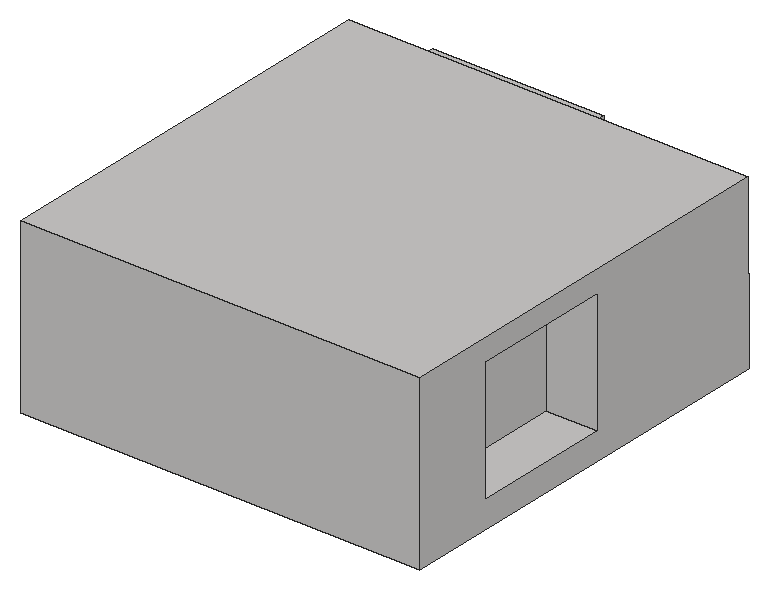
Revit family
Parameters
  Width = 4' - 0 1/8"
  Voltage = 277 V
  Unit Weight = "220.0 lbs"
  UltraLoc Liner = Choose Liner Option = 3  # no
  URL = "http://www.titus-hvac.com/"
  UL = "181"
  Supply Air Flow [instance] = 0 CFM
  SteriLoc Liner = Choose Liner Option = 2  # no
  Primary Air Pressure Drop [instance] = 0.00 in-wg
  Primary Air Flow [instance] = 0 CFM
  Plenum Air Pressure Drop [instance] = 0.00 in-wg
  Plenum Air Flow [instance] = 0 CFM
  Outlet Width = 1' - 4 1/2"
  Outlet Vertical Offset = 0' - 1 1/8"
  Outlet Horizontal Offset = 0' - 1 3/8"
  Outlet Height = 1' - 2 1/2"
  Number of Poles = 1
  Nominal Width = Width + 0' 6 1/4"  # 4' - 6 3/8"
  Nominal Length = Length + 0' 3 3/8"  # 4' - 2 1/4"
  Nominal Inlet Size = 0' - 10"
  Nominal Height = 1' - 8 1/8"
  NFPA = "90A"
  Motor Full Load Amps = 3.3 A
  Model = "DTQS"
  Min. Air Flow = 0 CFM
  Max. Air Flow = 0 CFM
  Material = Galvanized Steel
  Manufacturer = "Titus"
  Length = 3' - 10 7/8"
  Juction Box Offset = 0' - 4 7/8"
  Inlet Diameter = Nominal Inlet Size - 0' 0 1/8"  # 0' - 9 7/8"
  Induced offset = 0' - 1 1/4"
  Induced Air Inlet Offset = 0' - 4 1/2"
  Induced Air Inlet Width = 1' - 9"
  Induced Air Inlet Height = 1' - 5 1/2"
  Induced Air Filter = no
  Heating Total Capacity [instance] = 0 Btu/h
  Half Outlet Connection Width = Outlet Width / 2  # 0' - 8 1/4"
  Half Outlet Connection Height = Outlet Height / 2  # 0' - 7 1/4"
  Half Height Start = -(Nominal Height / 2)  # -0' - 10 1/16"
  Half Height End = Nominal Height / 2  # 0' - 10 1/16"
  HP-Motor = "1/3"
  Frequency = 60 Hz
  Filter Size = "27\"x20\""
  Fiber Free Liner = Choose Liner Option = 1  # no
  Fan Disconnect Switch = no
  Duct Radius = Nominal Inlet Size / 2  # 0' - 5"
  Description = "Series Fan Powered Terminal Unit, Direct Digital Control, Pressure Independent"
  Connection Void Radius = Connection Radius - 0' 0 1/4"  # 0' - 4 11/16"
  Connection Radius = Inlet Diameter / 2  # 0' - 4 15/16"
  Choose Liner Option = 0
  CADworks URL = "www.CADworks.net"
  Assembly Code = "D3040100"
  Apparent Power = Voltage * Motor Full Load Amps  # 914.1 VA
  Air Inlet Offset = 0' - 7"
  1/2" Fiberglass Liner = Choose Liner Option = 0  # yes
Reference planes (in)
  plane 1 "Center (Front/Back)": y = 0
  plane 2: z = 0
  plane 3 "Center (Left/Right)": x = 3
  plane 4: x = -20.4375
  plane 5: x = 26.4375
  plane 6: x = -15.5625
  plane 7: x = -23.8125
  plane 8 "Center (Elevation)": z = 0
  plane 9: y = -24.0625
  plane 10: y = 24.0625
  plane 11: y = 17.0625
  plane 12: y = -19.5625
  plane 13: x = 20.4375
  plane 14: y = 30.3125
  plane 15: z = 10.0625
  plane 16: z = -10.0625
Forms (in)
  Extrusion 1, solid, material "Galvanized Steel" <- "Material"
    sketch origin (0, 0, 52) x (1, 0, 0) y (0, 1, 0)
      loop
        line (-20.4375, 24.0625) -> (-20.4375, -24.0625) -> (26.4375, -24.0625) -> (26.4375, 24.0625) -> (-20.4375, 24.0625)
    from -62.0625 <- "Half Height Start" to -41.9375 <- "Half Height End"
  Extrusion 2, solid, material "Galvanized Steel" <- "Material"
    sketch origin (3.0625, 0, -6) x (1, 0, 0) y (0, 1, 0)
      loop
        line (-18.625, 24.0625) -> (1.375, 24.0625) -> (1.375, 30.3125) -> (-18.625, 30.3125) -> (-18.625, 24.0625)
    from 0 to 12
  Extrusion 3, void
    sketch origin (26.4375, 24.0625, 53.125) x (0, 1, 0) y (0, 0, -1)
      loop
        line (-22.125, 45.5625) -> (-22.125, 60.0625) -> (-38.625, 60.0625) -> (-38.625, 45.5625) -> (-22.125, 45.5625)
    from 0 to 6
  Extrusion 4, solid, material "Galvanized Steel" <- "Material"
    sketch origin (-24.875, 0.5625, 0) x (0, 0, -1) y (0, 1, 0)
      loop
        circle (0, 16.5) r 4.9375
    from 1.0625 to 4.4375
  Extrusion 5, void
    sketch origin (-24.875, 0, 0) x (0, 1, 0) y (0, 0, 1)
      loop
        circle (17.0625, 0) r 4.6875
    from 1.0625 to 9.3125
  Extrusion 6, void
    sketch origin (-20.4375, -24.0625, 52) x (0, -1, 0) y (0, 0, -1)
      loop
        line (-25.5, 43.3125) -> (-4.5, 43.3125) -> (-4.5, 60.8125) -> (-25.5, 60.8125) -> (-25.5, 43.3125)
    from 0 to 4.875
Cuts and joins
  Extrusion 3, Extrusion 5, Extrusion 6 cuts Extrusion 1
  Extrusion 5 cuts Extrusion 4
Dimensions and locks (in)
  "Length": plane 5 to plane 4
  equal spacing: plane 5, plane 3 "Center (Left/Right)", plane 4
  locked: Extrusion 2 to plane 6 at 0
  locked: Extrusion 2 to Extrusion 2 at 20
  "Juction Box Offset": plane 6 to plane 4
  "Outlet Height": Extrusion 3 sketch curve to Extrusion 3 sketch curve
  "Outlet Width": Extrusion 3 sketch curve to Extrusion 3 sketch curve
  locked: plane 4 to plane 7 at 3.375
  "Width": plane 9 to plane 10
  equal spacing: plane 9, plane 1 "Center (Front/Back)", plane 10
  locked: Extrusion 4 sketch curve to level at 0
  locked: Extrusion 4 sketch curve to plane 11 at 0
  locked: Extrusion 5 sketch curve to level at 0
  locked: Extrusion 5 sketch curve to plane 11 at 0
  locked: Extrusion 2 to Extrusion 2 at 6.25
  "Air Inlet Offset": plane 10 to plane 11
  locked: Extrusion 2 to plane 10 at 0
  locked: cut or joined group of Extrusion 4, Extrusion 5 to plane 7 at 0
  locked: cut or joined group of Extrusion 4, Extrusion 5 to cut or joined group of Extrusion 4, Extrusion 5 at 3.375
  "Induced Air Inlet Offset": plane 9 to plane 12
  "Induced Air Inlet Width": Extrusion 6 sketch curve to Extrusion 6 sketch curve
  "Induced Air Inlet Height": Extrusion 6 sketch curve to Extrusion 6 sketch curve
  "Induced Air Inlet Offset": Extrusion 6 sketch curve to plane 9
  locked: plane 9 to Extrusion 3 sketch curve at 9.5
  cut or joined group of Extrusion 1, Extrusion 3, Extrusion 5, Extrusion 6 to Extrusion 3 sketch curve = 0' - 3 1/8"
  locked: Extrusion 2 to Extrusion 2 at 12
  equal spacing: Extrusion 2, level, Extrusion 2
  locked: cut or joined group of Extrusion 1, Extrusion 3, Extrusion 5, Extrusion 6 to cut or joined group of Extrusion 1, Extrusion 3, Extrusion 5, Extrusion 6 at 20.125
  equal spacing: cut or joined group of Extrusion 1, Extrusion 3, Extrusion 5, Extrusion 6, level, cut or joined group of Extrusion 1, Extrusion 3, Extrusion 5, Extrusion 6
  "Induced offset": Extrusion 6 sketch curve to cut or joined group of Extrusion 1, Extrusion 3, Extrusion 5, Extrusion 6
  "Connection Radius": radius of Extrusion 4 sketch curve
  "Connection Void Radius": radius of Extrusion 5 sketch curve
  aligned and locked: plane 6 to Extrusion 6
  aligned and locked: Extrusion 3 to plane 13
  aligned and locked: plane 5 to cut or joined group of Extrusion 1, Extrusion 3, Extrusion 5, Extrusion 6
  aligned and locked: cut or joined group of Extrusion 1, Extrusion 3, Extrusion 5, Extrusion 6 to plane 4
  aligned and locked: cut or joined group of Extrusion 1, Extrusion 3, Extrusion 5, Extrusion 6 to plane 10
  aligned and locked: plane 9 to cut or joined group of Extrusion 1, Extrusion 3, Extrusion 5, Extrusion 6
  aligned and locked: Extrusion 1 to Extrusion 6
  aligned and locked: Extrusion 5 to plane 7
  aligned and locked: plane 6 to Extrusion 5
Automatic sketch dimensions
  Extrusion 1 sketch curve to plane 4 = 0' - 0"
  plane 5 to Extrusion 1 sketch curve = 0' - 0"
  Extrusion 1 sketch curve to plane 9 = 0' - 0"
  Extrusion 1 sketch curve to plane 10 = 0' - 0"
  Extrusion 2 sketch curve to plane 6 = 0' - 0"
  Extrusion 2 sketch curve to plane 10 = 0' - 0"
  plane 3 "Center (Left/Right)" to Extrusion 2 sketch curve = 0' - 1 7/16"
  Extrusion 2 sketch curve to plane 10 = 0' - 6 1/4"
Connectors (in)
  electrical at (-5.5625, 30.3125, 0), driven by "Apparent Power", driven by "Voltage", driven by "Number of Poles"
    settings: on Extrusion 2, index 8
  hvac at (-23.8125, 17.0625, 0), driven by "Primary Air Flow", driven by "Duct Radius", driven by "Primary Air Pressure Drop"
    settings: on cut or joined group of Extrusion 4, Extrusion 5, index 9
  hvac at (-20.4375, -9.0625, -0.0625), driven by "Induced Air Inlet Height", driven by "Induced Air Inlet Width", driven by "Plenum Air Pressure Drop", driven by "Plenum Air Flow"
    settings: on cut or joined group of Extrusion 1, Extrusion 3, Extrusion 5, Extrusion 6, index 12
  hvac at (26.4375, -6.3125, 0.3125), driven by "Supply Air Flow", driven by "Outlet Width", driven by "Outlet Height"
    settings: on cut or joined group of Extrusion 1, Extrusion 3, Extrusion 5, Extrusion 6, index 13
